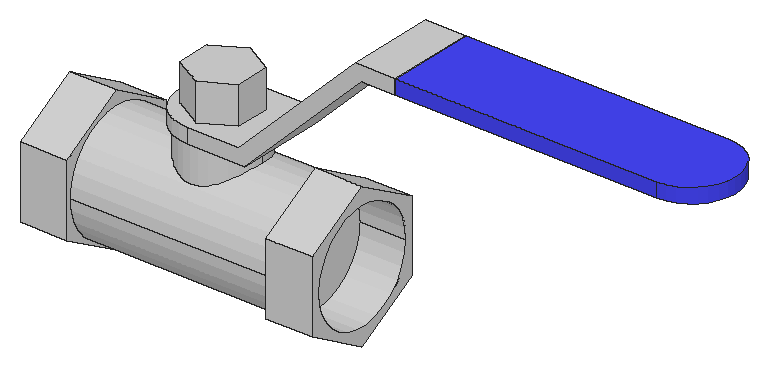
Revit family "РИДАН_Кран шаровой BVS-R из нержавеющей стали", category Арматура трубопроводов, Revit 2019
Family settings
  Размер круглого соединителя = Использовать диаметр
  Тип детали = Вставляется
  На основе рабочей плоскости = Нет
  Всегда вертикально = Да
  При загрузке вырезать с полостями = Нет
  Общий = Нет
Parameters (values of type "DN 8")
  Отступ коннектора [instance] = 20 mm
  Контакты_Производитель = "info@ridan.ru"  # constant formula
  Изготовитель = "ООО «Ридан-Трейд»"  # constant formula
  j [instance] = if(Отступ коннектора > a, a, Отступ коннектора)  # 6.35 mm
  i [instance] = ((a + b) * 2) - (j * 2)  # 27.3 mm
  h = size_lookup(LT, "h", 20 mm, ADSK_Диаметр условный)  # 15 mm
  g = size_lookup(LT, "g", 20 mm, ADSK_Диаметр условный)  # 17 mm
  f = size_lookup(LT, "f", 20 mm, ADSK_Диаметр условный)  # 11 mm
  e = size_lookup(LT, "e", 20 mm, ADSK_Диаметр условный)  # 8 mm
  d = size_lookup(LT, "d", 20 mm, ADSK_Диаметр условный)  # 10.95 mm
  c = size_lookup(LT, "c", 20 mm, ADSK_Диаметр условный)  # 60.95 mm
  b = size_lookup(LT, "b", 20 mm, ADSK_Диаметр условный)  # 13.65 mm
  a = size_lookup(LT, "a", 20 mm, ADSK_Диаметр условный)  # 6.35 mm
  URL = "https://ridan.ru/"
  LT = "BVS-R"  # constant formula
  ADSK_Расход жидкости = 0.000 m³/h
  ADSK_Пропускная способность = size_lookup(LT, "Kvs", 0.000 m³/h, ADSK_Диаметр условный)  # 4.700 m³/h
  ADSK_Потеря давления жидкости = 100000.0 Pa * (ADSK_Расход жидкости / ADSK_Пропускная способность) ^ 2  # 0.0 Pa
  ADSK_Наименование = size_lookup(LT, "Name", "", ADSK_Диаметр условный)  # "Кран шаровой BVS-R из нержавеющей стали PN63, Tmax=180C, ВР, DN8"
  ADSK_Масса_Текст = ""
  ADSK_Масса = size_lookup(LT, "M", 0, ADSK_Диаметр условный)  # 0.06
  ADSK_Марка = size_lookup(LT, "Mark", "", ADSK_Диаметр условный)  # "BVS-R DN8"
  ADSK_Количество = 1  # constant formula
  ADSK_Код изделия = size_lookup(LT, "", "", ADSK_Диаметр условный)  # "082X4600R"
  ADSK_Завод-изготовитель = "ООО «Ридан-Трейд»"  # constant formula
  ADSK_Единица измерения = "шт."
  ADSK_Диаметр условный = 8 mm
  ADSK_Версия семейства = "1.0"  # constant formula
  ADSK_Версия Revit = "2019"  # constant formula
Types (9, lengths in mm): name | Отступ коннектора | j | i | h | g | f | e | d | c | b | a | ADSK_Пропускная способность | ADSK_Наименование | ADSK_Масса | ADSK_Марка | ADSK_Код изделия | ADSK_Диаметр условный
  (no name) | 20 | 6.35 | 27.3 | 15 | 17 | 11 | 8 | 10.95 | 60.95 | 13.65 | 6.35 | 4.700 m³/h | "Кран шаровой BVS-R из нержавеющей стали PN63, Tmax=180C, ВР, DN8" | 0.06 | "BVS-R DN8" | "082X4600R" | 8
  DN 8 | 20 | 6.35 | 27.3 | 15 | 17 | 11 | 8 | 10.95 | 60.95 | 13.65 | 6.35 | 4.700 m³/h | "Кран шаровой BVS-R из нержавеющей стали PN63, Tmax=180C, ВР, DN8" | 0.06 | "BVS-R DN8" | "082X4600R" | 8
  DN 10 | 5 | 5 | 34.5 | 16.7 | 21 | 13 | 9.8 | 14.3 | 60.05 | 14.65 | 7.6 | 8.500 m³/h | "Кран шаровой BVS-R из нержавеющей стали PN63, Tmax=180C, ВР, DN10" | 0.09 | "BVS-R DN10" | "082X4601R" | 10
  DN 15 | 20 | 8.9 | 38.2 | 21.3 | 24.6 | 13.1 | 11.7 | 15.9 | 61.2 | 19.1 | 8.9 | 13.200 m³/h | "Кран шаровой BVS-R из нержавеющей стали PN63, Tmax=180C, ВР, DN15" | 0.15 | "BVS-R DN15" | "082X4602R" | 15
  DN 20 | 20 | 10.75 | 37 | 26.4 | 31.5 | 16 | 14.9 | 19.2 | 60.85 | 18.5 | 10.75 | 17.000 m³/h | "Кран шаровой BVS-R из нержавеющей стали PN63, Tmax=180C, ВР, DN20" | 0.22 | "BVS-R DN20" | "082X4603R" | 20
  DN 25 | 20 | 11.75 | 47 | 33.5 | 37.5 | 15.6 | 18 | 22.75 | 60.9 | 23.5 | 11.75 | 30.200 m³/h | "Кран шаровой BVS-R из нержавеющей стали PN63, Tmax=180C, ВР, DN25" | 0.36 | "BVS-R DN25" | "082X4604R" | 25
  DN 32 | 20 | 12.6 | 50.8 | 42 | 47 | 18 | 22.71 | 27.79 | 60.2 | 25.4 | 12.6 | 45.200 m³/h | "Кран шаровой BVS-R из нержавеющей стали PN63, Tmax=180C, ВР, DN32" | 0.55 | "BVS-R DN32" | "082X4605R" | 32
  DN 40 | 20 | 15.8 | 51.9 | 47.8 | 53 | 20 | 26 | 32 | 61.25 | 25.95 | 15.8 | 69.700 m³/h | "Кран шаровой BVS-R из нержавеющей стали PN63, Tmax=180C, ВР, DN40" | 0.86 | "BVS-R DN40" | "082X4606R" | 40
  DN 50 | 22 | 21 | 56 | 59.6 | 65 | 20.6 | 32 | 37 | 60.5 | 28 | 21 | 128.200 m³/h | "Кран шаровой BVS-R из нержавеющей стали PN63, Tmax=180C, ВР, DN50" | 1.29 | "BVS-R DN50" | "082X4607R" | 50
Reference planes
  plane 1 "По центру (Вперед/Назад)": y = 0
  plane 2: z = 0
  plane 3 "По центру (Влево/Вправо)": x = 0
  plane 4: x = -20
  plane 5: x = -13.65
  plane 6: x = 13.65
  plane 7: x = 20
  plane 8: x = -60
  plane 9: x = 0.95
  plane 10: z = 10.95
  plane 11: x = -13.65
  plane 12: x = 13.65
Forms (mm)
  Extrusion 1, solid, material "Сталь нержавеющая", detail levels fine
    sketch origin (0, 0, 0) x (0, 1, 0) y (0, 0, 1)
      loop
        circle (0, 0) r 8
    from -13.65 to 13.65
  Extrusion 2, solid, material "Сталь нержавеющая", detail levels fine
    sketch origin (0, 0, 0) x (0, 1, 0) y (0, 0, 1)
      loop
        line (0, 9.815) -> (-8.5, 4.907) -> (-8.5, -4.907) -> (0, -9.815) -> (8.5, -4.907) -> (8.5, 4.907) -> (0, 9.815)
    from -20 to -13.65
  Extrusion 3, solid, material "Сталь нержавеющая", detail levels fine
    sketch origin (0, 0, 0) x (0, 1, 0) y (0, 0, 1)
      loop
        line (0, 9.815) -> (-8.5, 4.907) -> (-8.5, -4.907) -> (0, -9.815) -> (8.5, -4.907) -> (8.5, 4.907) -> (0, 9.815)
    from 13.65 to 20
  Extrusion 4, solid, material "Сталь нержавеющая", detail levels fine
    sketch origin (0, 0, 0) x (1, 0, 0) y (0, 1, 0)
      loop
        circle (0.95, 0) r 5.5
    from 0 to 10.95
  Extrusion 5, void
    sketch origin (0, 0, 0) x (0, 1, 0) y (0, 0, 1)
      loop
        circle (0, 0) r 7.5
    from -20 to -13.65
  Extrusion 6, void
    sketch origin (0, 0, 0) x (0, 1, 0) y (0, 0, 1)
      loop
        circle (0, 0) r 7.5
    from 13.65 to 20
Cuts and joins
  Extrusion 5, Extrusion 6 cuts Extrusion 1
  Extrusion 5, Extrusion 6 cuts Extrusion 4
  joined: Extrusion 1, Extrusion 4
  Extrusion 5, Extrusion 6 cuts Extrusion 3
  Extrusion 5 cuts Extrusion 2
Dimensions and locks
  locked: plane 8 to plane 3 "По центру (Влево/Вправо)" at 60
  "b": plane 5 to plane 3 "По центру (Влево/Вправо)"
  "a": plane 4 to plane 5
  "b": plane 6 to plane 3 "По центру (Влево/Вправо)"
  "a": plane 6 to plane 7
  "c": plane 8 to plane 9
  "d": plane 10 to plane 2
  equal spacing: Extrusion 2 sketch curve, plane 2, Extrusion 2 sketch curve  (x2)
  equal spacing: Extrusion 2 sketch curve, plane 1 "По центру (Вперед/Назад)", Extrusion 2 sketch curve
  "g": Extrusion 2 sketch curve to Extrusion 2 sketch curve  (x3)
  equal spacing: Extrusion 3 sketch curve, plane 2, Extrusion 3 sketch curve  (x2)
  equal spacing: Extrusion 3 sketch curve, plane 1 "По центру (Вперед/Назад)", Extrusion 3 sketch curve
  "g": Extrusion 3 sketch curve to Extrusion 3 sketch curve  (x3)
  "j": plane 4 to plane 11
  "j": plane 7 to plane 12
  "e": radius of Extrusion 1 sketch curve
  "f": diameter of Extrusion 4 sketch curve
  "h": diameter of Extrusion 5 sketch curve
  "h": diameter of Extrusion 6 sketch curve
  angle Extrusion 2 sketch curve to Extrusion 2 sketch curve = 120.00°  (x6)
  angle Extrusion 3 sketch curve to Extrusion 3 sketch curve = 120.00°  (x6)
  aligned and locked: level to plane 2
  aligned and locked: plane 5 to Extrusion 1
  aligned and locked: Extrusion 1 to plane 6
  aligned and locked: plane 4 to Extrusion 2
  aligned and locked: Extrusion 2 to plane 5
  aligned and locked: plane 6 to Extrusion 3
  aligned and locked: Extrusion 3 to plane 7
  aligned and locked: plane 10 to Extrusion 4
  aligned and locked: Extrusion 5 to plane 5
  aligned and locked: plane 4 to Extrusion 5
  aligned and locked: plane 6 to Extrusion 6
  aligned and locked: cut or joined group of Extrusion 3, Extrusion 5, Extrusion 6 to plane 7
  aligned and locked: nested 1 to plane 9
  aligned and locked: nested 1 to plane 10
  aligned and locked: nested 3 to plane 4
  aligned and locked: plane 11 to nested 2
Automatic sketch dimensions
  Extrusion 1 sketch curve to level = 0 mm
  Extrusion 1 sketch curve to plane 1 "По центру (Вперед/Назад)" = 0 mm
  plane 1 "По центру (Вперед/Назад)" to Extrusion 4 sketch curve = 0 mm
  Extrusion 4 sketch curve to plane 9 = 0 mm
  Extrusion 5 sketch curve to level = 0 mm
  Extrusion 5 sketch curve to plane 1 "По центру (Вперед/Назад)" = 0 mm
  Extrusion 6 sketch curve to level = 0 mm
  Extrusion 6 sketch curve to plane 1 "По центру (Вперед/Назад)" = 0 mm
Nested families
  nested 1: "Рукоятка BVS-R" at (0.95, 0, 10.95), ADSK_Диаметр условный <- "ADSK_Диаметр условный", type "Рукоятка BVS-R", detail levels fine
    with l 8 mm, k 8 mm, j 59 mm, i 6 mm, h 12 mm, g 17 mm, f 1 mm, e 64.29 mm, d 23.41 mm, c 7.41 mm, b 7.1 mm, a 2 mm, ADSK_Диаметр условный 8 mm
  nested 2: "УГО_клапана" at (0, 0, 0), УГО_Длина <- "i", type "УГО_клапана", detail levels coarse+medium
    with УГО_Длина 27.3 mm, УГО_Высота 20.832 mm
  nested 3: "УГО_ЭУ_клапана" at (-6.35, 0, 0), УГО_Длина <- "i", type "УГО_ЭУ_клапана", detail levels coarse+medium
    with УГО_Длина 27.3 mm, УГО_Высота 20.832 mm
Connectors
  piping at (-13.65, 0, 0), diameter 8, driven by "ADSK_Диаметр условный", driven by "ADSK_Расход жидкости"
    settings: on plane 11, index 1, connector inside diameter 609.6 mm, connector length 0 mm, flow factor 0, pipe flow 0.000 m³/h, pressure drop 0.0 Pa, fitting loss kfactor 0, connector angle 0.00°, fixture units 0, engagement length 0 mm, angle of deflection 0.00°, flow configuration 0, flow direction 1, fitting loss method 0, system type 29, joint type 0, gender type 0, connector reference index 2, connector utility 0, adjustable connector no, is connector primary yes, connector description ""
  piping at (13.65, 0, 0), diameter 8, driven by "ADSK_Диаметр условный", driven by "ADSK_Расход жидкости", driven by "ADSK_Потеря давления жидкости"
    settings: on plane 12, index 2, connector inside diameter 609.6 mm, connector length 0 mm, flow factor 0, pipe flow 0.000 m³/h, pressure drop 0.0 Pa, fitting loss kfactor 0, connector angle 0.00°, fixture units 0, engagement length 0 mm, angle of deflection 0.00°, flow configuration 0, flow direction 2, fitting loss method 4, system type 29, joint type 0, gender type 0, connector reference index 1, connector utility 0, adjustable connector no, is connector primary no, connector description ""
Definition of nested family "Рукоятка BVS-R"
  Parameters (values of type "Рукоятка BVS-R")
    l [instance] = size_lookup(LT, "l", 20 mm, ADSK_Диаметр условный)  # 18 mm
    k [instance] = size_lookup(LT, "k", 20 mm, ADSK_Диаметр условный)  # 14 mm
    j [instance] = size_lookup(LT, "j", 20 mm, ADSK_Диаметр условный)  # 114 mm
    i [instance] = size_lookup(LT, "i", 20 mm, ADSK_Диаметр условный)  # 11 mm
    h [instance] = size_lookup(LT, "h", 20 mm, ADSK_Диаметр условный)  # 22 mm
    g [instance] = size_lookup(LT, "g", 20 mm, ADSK_Диаметр условный)  # 33.5 mm
    f [instance] = size_lookup(LT, "f", 20 mm, ADSK_Диаметр условный)  # 1.5 mm
    e [instance] = size_lookup(LT, "e", 20 mm, ADSK_Диаметр условный)  # 122.66 mm
    d [instance] = size_lookup(LT, "d", 20 mm, ADSK_Диаметр условный)  # 52.62 mm
    c [instance] = size_lookup(LT, "c", 20 mm, ADSK_Диаметр условный)  # 20.62 mm
    b [instance] = size_lookup(LT, "b", 20 mm, ADSK_Диаметр условный)  # 16.3 mm
    a [instance] = size_lookup(LT, "a", 20 mm, ADSK_Диаметр условный)  # 3 mm
    LT = "BVS-R_Рукоятка"  # constant formula
    ADSK_Диаметр условный [instance] = 50 mm
  Reference planes
    plane 1 "По центру (Вперед/Назад)": y = 0
    plane 2: z = 0
    plane 3 "По центру (Влево/Вправо)": x = 0
    plane 4: x = 20.62
    plane 5: x = 52.62
    plane 6: x = 122.66
    plane 7: z = 33.5
    plane 8 "Высота контура": z = 3
    plane 9: z = 16.3
    plane 10 "Осевая линия1": z = 1.5
    plane 11: y = 11
    plane 12: y = -11
    plane 13: x = 57.62
    plane 14: y = 11
    plane 15: y = -11
    plane 16: z = 35
    plane 17: z = 32
  Forms (mm)
    Sweep 1, solid
      path origin (0, 0, 0) x (1, 0, 0) y (0, 0, 1)
        loop
          line (0, 1.5) -> (20.62, 1.5) -> (52.62, 33.5) -> (57.62, 33.5)
      profile origin (10.31, 0, 1.5) x (0, 0, 1) y (0, -1, 0)
        loop
          line (1.5, -11) -> (1.5, 11) -> (-1.5, 11) -> (-1.5, -11) -> (1.5, -11)
    Extrusion 2, solid
      sketch origin (0, 0, 0) x (1, 0, 0) y (0, 1, 0)
        loop
          arc (0, 11) -> (-11, 0) -> (0, -11) r 11
          line (0, -11) -> (0, 11)
      from 0 to 3
    Sweep 3, solid
      path origin (0, 0, 0) x (1, 0, 0) y (0, 0, 1)
        loop
          line (57.62, 33.5) -> (122.66, 33.5)
      profile origin (90.14, 0, 33.5) x (0, 0, 1) y (0, -1, 0)
        loop
          line (1.5, -11) -> (1.5, 11) -> (-1.5, 11) -> (-1.5, -11) -> (1.5, -11)
    Extrusion 4, solid
      sketch origin (0, 0, 0) x (1, 0, 0) y (0, 1, 0)
        loop
          line (122.66, 11) -> (122.66, -11)
          arc (122.66, -11) -> (133.66, 0) -> (122.66, 11) r 11
      from 32 to 35
    Extrusion 5, solid
      sketch origin (0, 0, 0) x (1, 0, 0) y (0, 1, 0)
        loop
          line (0, 10.392) -> (-9, 5.196) -> (-9, -5.196) -> (0, -10.392) -> (9, -5.196) -> (9, 5.196) -> (0, 10.392)
      from 3 to 16.3
  Cuts and joins
    joined: Sweep 1, Extrusion 2
    joined: Sweep 3, Extrusion 4
  Dimensions and locks
    "b": plane 9 to plane 2
    "a": plane 8 "Высота контура" to plane 2
    "f": plane 10 "Осевая линия1" to plane 2
    "g": plane 7 to plane 2
    "c": plane 4 to plane 3 "По центру (Влево/Вправо)"
    "d": plane 5 to plane 3 "По центру (Влево/Вправо)"
    "e": plane 6 to plane 3 "По центру (Влево/Вправо)"
    equal spacing: plane 11, plane 1 "По центру (Вперед/Назад)", plane 12
    "h": plane 11 to plane 12
    locked: plane 5 to plane 13 at 5
    equal spacing: plane 14, plane 1 "По центру (Вперед/Назад)", plane 15
    "h": plane 14 to plane 15
    equal spacing: plane 16, plane 7, plane 17
    "a": plane 16 to plane 17
    equal spacing: Extrusion 5 sketch curve, plane 3 "По центру (Влево/Вправо)", Extrusion 5 sketch curve  (x3)
    "l": Extrusion 5 sketch curve to Extrusion 5 sketch curve  (x3)
    angle Extrusion 5 sketch curve to Extrusion 5 sketch curve = 120.00°  (x6)
    aligned and locked: level to plane 2
    aligned and locked: plane 3 "По центру (Влево/Вправо)" to Sweep 1 sketch curve
    aligned and locked: plane 4 to Sweep 1 sketch curve
    aligned and locked: plane 5 to Sweep 1 sketch curve
    aligned and locked: plane 8 "Высота контура" to Sweep 1 sketch curve
    aligned and locked: Sweep 1 sketch curve to plane 11
    aligned and locked: Sweep 1 sketch curve to level
    aligned and locked: Sweep 1 sketch curve to plane 12
    aligned and locked: plane 13 to Sweep 1 sketch curve
    aligned and locked: plane 3 "По центру (Влево/Вправо)" to Extrusion 2 sketch curve  (x3)
    aligned and locked: plane 8 "Высота контура" to Extrusion 2
    aligned and locked: Sweep 3 sketch curve to plane 7
    aligned and locked: plane 13 to Sweep 3 sketch curve
    aligned and locked: plane 6 to Sweep 3 sketch curve
    aligned and locked: Sweep 3 sketch curve to plane 16
    aligned and locked: plane 14 to Sweep 3 sketch curve
    aligned and locked: plane 17 to Sweep 3 sketch curve
    aligned and locked: Sweep 3 sketch curve to plane 15
    aligned and locked: plane 6 to Extrusion 4 sketch curve
    aligned and locked: Extrusion 4 sketch curve to Sweep 3
    aligned and locked: Sweep 3 to Extrusion 4 sketch curve
    aligned and locked: plane 17 to Extrusion 4
    aligned and locked: plane 16 to Extrusion 4
    aligned and locked: plane 1 "По центру (Вперед/Назад)" to Extrusion 2 sketch curve
    aligned and locked: plane 9 to Extrusion 5
    aligned and locked: Extrusion 5 to plane 8 "Высота контура"
  Automatic sketch dimensions
    Sweep 1 sketch curve to plane 7 = 0 mm
    Sweep 1 sketch curve to plane 10 "Осевая линия1" = 0 mm
    Extrusion 2 sketch curve to plane 12 = 0 mm
Definition of nested family "УГО_клапана"
  Parameters (values of type "УГО_клапана")
    УГО_Длина [instance] = 48 mm
    УГО_Высота [instance] = УГО_Длина * 0.76308  # 36.628 mm
  Reference planes
    plane 1 "По центру (Вперед/Назад)": y = 0
    plane 2: z = 0
    plane 3 "По центру (Влево/Вправо)": x = 0
    plane 4: x = -24
    plane 5: x = 24
    plane 6: z = 18.314
    plane 7: z = -18.314
  Forms (mm)
    Extrusion 1, solid, detail levels coarse+medium
      sketch origin (0, 0, 0) x (1, 0, 0) y (0, 0, 1)
        loop
          line (-24, -18.314) -> (0, 0) -> (-24, 18.314) -> (-24, -18.314)
      from -0.5 to 0.5
    Extrusion 2, solid, detail levels coarse+medium
      sketch origin (0, 0, 0) x (1, 0, 0) y (0, 0, 1)
        loop
          line (24, -18.314) -> (24, 18.314) -> (0, 0) -> (24, -18.314)
      from -0.5 to 0.5
  Dimensions and locks
    equal spacing: plane 5, plane 3 "По центру (Влево/Вправо)", plane 4
    "УГО_Длина": plane 5 to plane 4
    equal spacing: plane 6, plane 2, plane 7
    "УГО_Высота": plane 6 to plane 7
    aligned and locked: level to plane 2
    aligned and locked: plane 4 to Extrusion 1 sketch curve
    aligned and locked: Extrusion 2 sketch curve to plane 5
  Automatic sketch dimensions
    Extrusion 1 sketch curve to level = 0 mm
    Extrusion 1 sketch curve to plane 3 "По центру (Влево/Вправо)" = 0 mm
    Extrusion 1 sketch curve to plane 7 = 0 mm
    Extrusion 1 sketch curve to plane 6 = 0 mm
    Extrusion 2 sketch curve to level = 0 mm
    Extrusion 2 sketch curve to plane 3 "По центру (Влево/Вправо)" = 0 mm
    Extrusion 2 sketch curve to plane 7 = 0 mm
    Extrusion 2 sketch curve to plane 6 = 0 mm
Definition of nested family "УГО_ЭУ_клапана"
  Parameters (values of type "УГО_ЭУ_клапана")
    УГО_Длина [instance] = 100 mm
    УГО_Высота [instance] = УГО_Длина * 0.76308  # 76.308 mm
  Reference planes
    plane 1 "По центру (Вперед/Назад)": y = 0
    plane 2: z = 0
    plane 3 "По центру (Влево/Вправо)": x = 0
    plane 4: x = -50
    plane 5: x = 50
    plane 6: y = 38.154
    plane 7: y = -38.154
  Lines and regions (mm)
    Filled region 1, type "Сплошная заливка - Белый", in view "Опорный уровень"
      outline origin (0, 0, 0) x (1, 0, 0) y (0, 1, 0)
        loop
          line (-50, -38.154) -> (0, 0) -> (-50, 38.154) -> (-50, -38.154)
    Filled region 2, type "Сплошная заливка - Белый", in view "Опорный уровень"
      outline origin (0, 0, 0) x (1, 0, 0) y (0, 1, 0)
        loop
          line (50, -38.154) -> (50, 38.154) -> (0, 0) -> (50, -38.154)
  Dimensions and locks
    equal spacing: plane 4, plane 3 "По центру (Влево/Вправо)", plane 5
    "УГО_Длина": plane 4 to plane 5
    equal spacing: plane 6, plane 1 "По центру (Вперед/Назад)", plane 7
    "УГО_Высота": plane 6 to plane 7
    aligned and locked: plane 4 to Filled region 1 sketch curve
    aligned and locked: Filled region 1 to plane 4
  Automatic sketch dimensions
    plane 1 "По центру (Вперед/Назад)" to Filled region 1 sketch curve = 0 mm
    Filled region 1 sketch curve to plane 3 "По центру (Влево/Вправо)" = 0 mm
    plane 7 to Filled region 1 sketch curve = 0 mm
    Filled region 1 sketch curve to plane 6 = 0 mm
    plane 1 "По центру (Вперед/Назад)" to Filled region 2 sketch curve = 0 mm
    Filled region 2 sketch curve to plane 3 "По центру (Влево/Вправо)" = 0 mm
    Filled region 2 sketch curve to plane 5 = 0 mm
    plane 7 to Filled region 2 sketch curve = 0 mm
    Filled region 2 sketch curve to plane 6 = 0 mm
